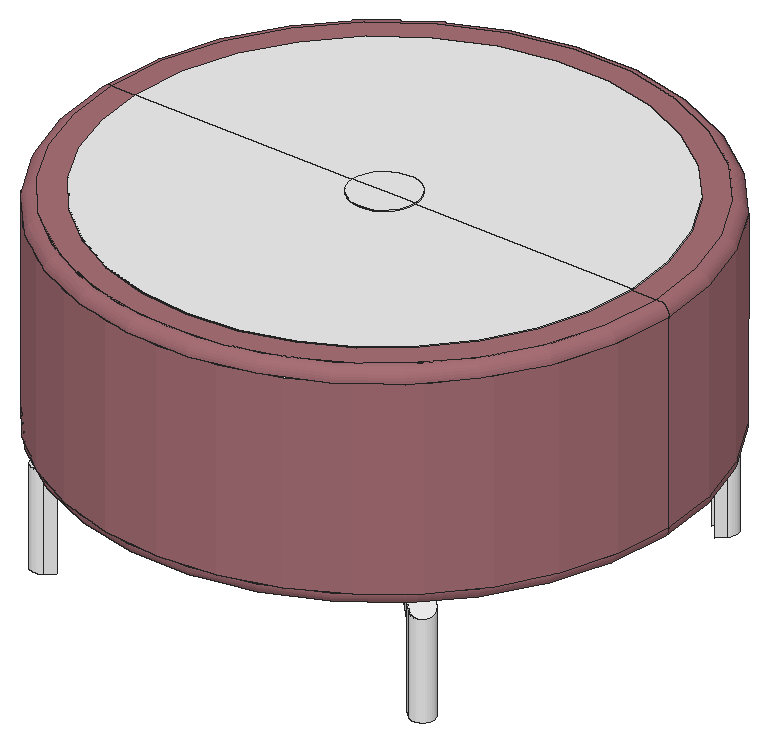
Revit family "Woodstock-Jefferson-JEFF-CT32", category Furniture, Revit 2014
Parameters (values of type "JEFF-CT32")
  Width = 32"
  URL = "www.woodstockmarketing.com"
  Type Comments = "JEFFERSON LOUNGE"  # constant formula
  Seat = WTK - Fabric - Burgundy
  Salvage or Reuse = yes
  Pop Up Power = WTK - White
  Percentage of Recycled Content = 0
  Model = "JEFF-CT32"
  Manufacturer = "WOODSTOCK MARKETING"  # constant formula
  Low Emitting Material = yes
  Low Emitting Finish = yes
  Legs = WTK - Steel, Chrome Plated
  Keynote = "12500"
  Height = 18"
  Top = WTK - White
  Depth = 32"
  Description = "32\" RD Coffee Table"
  Assembly Code = "E2020200"
Reference planes (in)
  plane 1 "Center Front/Back": y = 0
  plane 2: z = 0
  plane 3 "Center Left/Right": x = 0
  plane 4: x = -16
  plane 5: x = 16
  plane 6: y = 16
  plane 7: y = -16
  plane 8: z = 18
  plane 9: through (-10.52882, 10.61168, 48) normal (0.7071, 0.7071, 0)
  plane 10: through (-11.32439, 10.19087, 48) normal (-0.7071, 0.7071, 0)
  plane 11: through (10.52882, 10.61168, 48) normal (0.7071, -0.7071, 0)
  plane 12: through (11.32439, 10.19087, 48) normal (-0.7071, -0.7071, 0)
  plane 13: through (10.52882, -10.61168, 48) normal (-0.7071, -0.7071, 0)
  plane 14: through (11.32439, -10.19087, 48) normal (0.7071, -0.7071, 0)
  plane 15: through (-10.52882, -10.61168, 48) normal (-0.7071, 0.7071, 0)
  plane 16: through (-11.32439, -10.19087, 48) normal (0.7071, 0.7071, 0)
  plane 17: z = 17.97795
  plane 18: z = 17.92815
  plane 19: z = 5.97605
Forms (in)
  Revolve 1, solid, material "WTK - Fabric - Burgundy" <- "Seat"
    sketch origin (0, 0, 0) x (1, 0, 0) y (0, 0, 1)
      loop
        arc (-15.32031, 17.92815) -> (-15.80092, 17.72907) -> (-16, 17.24846) r 0.67969
        line (-16, 17.24846) -> (-16, 6.65453)
        arc (-16, 6.65453) -> (-15.80128, 6.17477) -> (-15.32152, 5.97605) r 0.67848
        line (-15.32152, 5.97605) -> (0, 5.97605) -> (0, 17.92815) -> (-15.32031, 17.92815)
      axis (0, 17.92815) -> (0, 5.97605)
    angle from 0 to 360
  Revolve 2, solid, material "WTK - White" <- "Top"
    sketch origin (0, 0, 0) x (1, 0, 0) y (0, 0, 1)
      loop
        line (-13.94588, 17.97795) -> (-13.94588, 17.92815) -> (0, 17.92815) -> (0, 17.97795) -> (-13.94588, 17.97795)
      axis (0, 17.97795) -> (0, 17.92815)
    angle from 0 to 360
  Revolve 3, solid, material "WTK - White" <- "Pop Up Power"
    sketch origin (0, 0, 0) x (1, 0, 0) y (0, 0, 1)
      loop
        line (0, 18.00912) -> (-1.75, 18.00912) -> (-1.75, 17.97795) -> (0, 17.97795) -> (0, 18.00912)
      axis (0, 18.00912) -> (0, 17.96975)
    angle from 0 to 360
Lines and regions (in)
  symbolic lines, style "Table"
    curve 1: circle (0, 0, 0) r 16 normal (0, 0, 1)
    curve 2: circle (0, 0, 0) r 13.94588 normal (0, 0, 1)
    curve 3: circle (0, 0, 0) r 1.75 normal (0, 0, 1)
Dimensions and locks (in)
  equal spacing: plane 6, plane 1 "Center Front/Back", plane 7
  "Depth": plane 6 to plane 7
  equal spacing: plane 4, plane 3 "Center Left/Right", plane 5
  "Width": plane 4 to plane 5
  "Height": plane 8 to plane 2
  plane 8 to plane 17 to plane 18 = 0.02205" locked, 0.0498" locked
  locked: Revolve 3 to plane 8 at 0.00912
  locked: plane 19 to plane 2 at 5.97605
  aligned and locked: plane 2 to level
  aligned and locked: Revolve 1 sketch curve to plane 4
  aligned and locked: Revolve 1 sketch curve to plane 3 "Center Left/Right"
  aligned and locked: plane 10 to nested 1
  aligned and locked: nested 2 to plane 12
  aligned and locked: plane 14 to nested 3
  aligned and locked: nested 4 to plane 16
  aligned and locked: plane 18 to Revolve 2
  aligned and locked: plane 17 to Revolve 2
  aligned and locked: Revolve 2 to Revolve 3
  aligned and locked: plane 18 to Revolve 1 sketch curve
  aligned and locked: Revolve 1 sketch curve to plane 19
Automatic sketch dimensions
  Revolve 1 sketch curve to plane 3 "Center Left/Right" = 0"
  plane 4 to Revolve 1 sketch curve = 0.67848"
  plane 4 to Revolve 1 sketch curve = 87/128"
  Revolve 1 sketch curve to Revolve 1 sketch curve = 3 1/4"
  Revolve 1 sketch curve to Revolve 1 sketch curve = 1"
  Revolve 2 sketch curve to plane 3 "Center Left/Right" = 0"  (x2)
  Revolve 2 sketch curve to plane 8 = 0"
  plane 8 to Revolve 2 sketch curve = 0.02205"
  plane 4 to Revolve 2 sketch curve = 2.05412"
  Revolve 2 sketch curve to Revolve 2 sketch curve = 0.0498"
  Revolve 2 sketch curve to plane 8 = 0.14468"
  Revolve 3 sketch curve to plane 3 "Center Left/Right" = 0"  (x2)
  Revolve 3 sketch curve to plane 8 = 0.00912"
  Revolve 3 sketch curve to Revolve 3 sketch curve = 1 3/4"
  plane 8 to Revolve 3 sketch curve = 0.02205"
  Revolve 3 sketch curve to Revolve 3 sketch curve = 1.31967"
  Revolve 3 sketch curve to Revolve 3 sketch curve = 0.05543"
  curve 1 to curve 2 = 0"  (x2)
  curve 1 to curve 3 = 0"  (x2)
  curve 2 to curve 3 = 0"  (x2)
  plane 1 "Center Front/Back" to curve 2 = 0"
  curve 2 to plane 3 "Center Left/Right" = 0"
  radius of curve 1 = 16"
  radius of curve 2 = 13.94588"
  radius of curve 3 = 1 3/4"
Nested families (in)
  nested 1: "Leg" at (-10.7162, 10.79906, 0) x (0.7071, -0.7071, 0) z (0, 0, 1), Leg <- "Legs", type "LG"
    with Leg WTK - Steel, Chrome Plated
  nested 2: "Leg" at (10.7162, 10.79906, 0) x (-0.7071, -0.7071, 0) z (0, 0, 1), Leg <- "Legs", type "LG"
    with Leg WTK - Steel, Chrome Plated
  nested 3: "Leg" at (10.7162, -10.79906, 0) x (-0.7071, 0.7071, 0) z (0, 0, 1), Leg <- "Legs", type "LG"
    with Leg WTK - Steel, Chrome Plated
  nested 4: "Leg" at (-10.7162, -10.79906, 0) x (0.7071, 0.7071, 0) z (0, 0, 1), Leg <- "Legs", type "LG"
    with Leg WTK - Steel, Chrome Plated
Definition of nested family "Leg"
  Parameters (values of type "LG")
    Leg [instance] = none
  Reference planes (in)
    plane 1 "Center (Front/Back)": y = 0
    plane 2: z = 0
    plane 3 "Center (Left/Right)": x = 0
  Forms (in)
    Extrusion 1, solid, material <- "Leg"
      sketch origin (0, 0, 0) x (1, 0, 0) y (0, 1, 0)
        loop
          line (0.68563, 0.5818) -> (0.10644, 0.55599)
          arc (0.10644, 0.55599) -> (-0.49258, -0.07031) -> (0.10644, -0.69662) r 0.62693
          line (0.10644, -0.69662) -> (0.68563, -0.72243) -> (0.68563, -0.53838) -> (0.09204, -0.51193) -> (0.09204, 0.3774) -> (0.68563, 0.40386) -> (0.68563, 0.5818)
      from 0 to 5.49451
    Extrusion 2, solid, material <- "Leg"
      sketch origin (0, 0, 0) x (1, 0, 0) y (0, 0, 1)
        loop
          line (2.53468, 5.9485) -> (0.05892, 5.33046) -> (0.05892, 4.26932) -> (2.64672, 5.58382) -> (4.20966, 5.58382) -> (4.20966, 5.97605) -> (2.75878, 5.97605)
          arc (2.75878, 5.97605) -> (2.64589, 5.96914) -> (2.53468, 5.9485) r 0.92527
      from -0.71088 to 0.85764
    Extrusion 3, void
      sketch origin (0, 0, 0) x (1, 0, 0) y (0, 0, 1)
        loop
          line (0.81452, 5.51908) -> (-0.78504, 5.51908) -> (-0.78504, 5.11979) -> (0.81452, 5.51908)
      from -0.71088 to 0.85765
    Extrusion 4, void
      sketch origin (0, 0, 0) x (1, 0, 0) y (0, 1, 0)
        loop
          line (2.64672, 0.651) -> (4.21232, 0.72076) -> (4.21232, 0.82663) -> (-0.15749, 0.82663) -> (-0.15749, 0.52605) -> (2.64672, 0.651)
      from 4.21078 to 5.97605
    Extrusion 5, void
      sketch origin (0, 0, 0) x (1, 0, 0) y (0, 1, 0)
        loop
          line (0, -0.67756) -> (0, -1.02476) -> (4.20554, -1.02476) -> (4.20554, -0.86546) -> (2.64504, -0.79574) -> (0, -0.67756)
      from 4.21078 to 5.97605
  Cuts and joins
    Extrusion 3 cuts Extrusion 1
    Extrusion 3, Extrusion 4, Extrusion 5 cuts Extrusion 2
    joined: Extrusion 1, Extrusion 2
  Lines and regions (in)
    symbolic lines, style "FurnitureHiddenLines", detail levels fine
      curve 1: line (0.11798, 0.55651, 0) -> (4.20966, 0.73884, 0)
      curve 2: line (4.20966, 0.73884, 0) -> (4.20966, -0.85764, 0)
      curve 3: line (4.20966, -0.85764, 0) -> (0.12131, -0.69721, 0)
      curve 4: arc (0.12131, -0.69721, 0) -> (-0.4815, -0.07195, 0) -> (0.11798, 0.55651, 0) r 0.62741
      curve 5: line (2.64672, 0.66919, 0) -> (2.64672, -0.79631, 0)
      curve 6: line (0.09204, 0.3774, 0) -> (0.09204, -0.51193, 0)
      curve 7: line (0.09204, -0.51193, 0) -> (0.68563, -0.53838, 0)
      curve 8: line (0.68563, -0.53838, 0) -> (0.68563, -0.71936, 0)
      curve 9: line (0.09204, 0.3774, 0) -> (0.68563, 0.40386, 0)
      curve 10: line (0.68563, 0.40386, 0) -> (0.68563, 0.5818, 0)
  Dimensions and locks (in)
    aligned and locked: plane 2 to level
